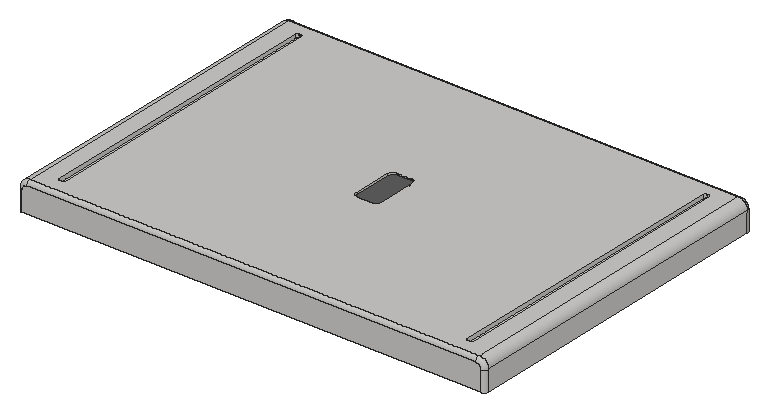
Revit family "PRD_FrankeWS_UtltSpplCntrlPnls_EXOSWCController_EXOS0027", category Electrical Fixtures, host Face, Revit 2018
Family settings
  Host = Face
  Maintain Annotation Orientation = No
  Round Connector Dimension = Use Diameter
  Part Type = Normal
  OmniClass Number = 23.45.05.14.99
  OmniClass Title = Other Sanitary Washing Plumbing Fixtures
  Cut with Voids When Loaded = No
  Shared = No
  Room Calculation Point = No
Parameters (values of type "EXOS0027")
  WarrantyStartDate [instance] = "1900-12-31T23:59:59"
  WarrantyGuarantorParts = "n/a"
  WarrantyGuarantorLabor = "n/a"
  WarrantyDurationUnit = "year"
  WarrantyDurationParts = "n/a"
  WarrantyDurationLabor = "n/a"
  WarrantyDescription = "n/a"
  Voltage = 0 V
  Version = "1"
  Uniclass2015Version = "Products v1.17"
  Uniclass2015Title = "Utility supply control panels"
  Uniclass2015Code = "Pr_75_50_18_93"
  URL = "www.kwc.com"
  TypeOfSensor = "Opto-electronic sensor"
  TypeOfOperation = "Sensor operation"
  TypeOfFlushingFitting = "For WC cistern"
  TagNumber [instance] = "n/a"
  SustainabilityPerformance = "n/a"
  SurfaceFinishCasing = "Brushed"
  Style = "n/a"
  Status = "New"
  Size = "n/a"
  Shape = "n/a"
  SerialNumber [instance] = "n/a"
  Revision = "n/a"
  ReplacementCost = "n/a"
  Reference = "n/a"
  ProtectiveSystemIP = "68"
  ProductInformation = "https://pim.kwc.com/product/2030036621/attachment/datasheet?locale=en"
  ProductCode = "209.0599.857"
  PowerSupplyConnection = "24 V DC"
  PowerFactor = 1
  PowerConsumption = "4"
  NominalWidth = 207.00 mm
  NominalHeight = 147.00 mm
  NominalDepth = 0.00 mm
  NetWeight = 1.20 kg
  Name = "EXOS WC controller for cistern EXOS0027"
  NBSTypeID = "n/a"
  NBSReference = "n/a"
  NBSOfficeMasterTag = "n/a"
  NBSNote = "n/a"
  NBSDescription = "n/a"
  NBSCertification = "n/a"
  ModelReference = "EXOS0027"
  ModelNumber = "2030036621"
  Model = ModelReference  # "EXOS0027"
  MaterialFitting = "Synthetic"
  MaterialCodeCasing = "1.4301 Chrome Nickel steel V2A"
  MaterialCasing = "Stainless steel"
  Material = "Stainless steel"
  ManufacturerURL = "www.kwc.com"
  ManufacturerName = "KWC Group AG"  # constant formula
  Manufacturer = ManufacturerName  # "KWC Group AG"
  MainColor = "stainless steel"
  IntegralAccessories = "n/a"
  InstallationDate [instance] = "1900-12-31T23:59:59"
  IfcExportType = "USERDEFINED"
  IfcExportAs = "IfcControllerType"
  GrossWeight = 1.25 kg
  Grade = "n/a"
  FunctionalPrinciple = "Electronic self-closing"
  Finish = "Brushed"
  Features = "mounting bracket and stainless steel cover plate with sensors and concealed screw fastening"
  ExpectedLife = "n/a"
  DurationUnit = "year"
  Description = "EXOS - A3000 open opto-electronic WC control for concealed toilet cistern. With option for external controlling options such as fittings settings and communication via ECC function controller or optional, bidirectional remote control. With waterproof electronic module with additional input for sensors to be provided by the client no more than 5 m away (e.g. support grips for disabled persons), low voltage motor, waterproof electric T-junction for connecting to system cable, mounting bracket and stainless steel cover plate with sensors and concealed screw fastening. Activated water hygiene flushing 24 hours after last activation and saving of statistical data. Separate power supply 24 V DC via AQUA 3000 open system accessories."
  DefaultAutomaticHygieneFlushing = "24h after the last activity"
  Default Elevation = 1000.00 mm
  CreatedOn = "07/2021"  # constant formula
  Constituents = "n/a"
  Color = "n/a"
  CodePerformance = "n/a"
  Category = "Pr_75_50_18_93, Utility supply control panels"
  CasingMaterial = PRD_AR_StainlessSteel_Brushed
  BarCode [instance] = "n/a"
  BIMObjectName = "PRD_AR_UtilitySupplyControlPanels_EXOSWCController_EXOS0027"
  Author = "Archispace"  # constant formula
  AssetType = "Fixed"
  AssetIdentifier [instance] = "n/a"
  ApparentLoad = 0 VA
  AccessibilityPerformance = "n/a"
Reference planes
  plane 1 "Center (Front/Back)": y = 0
  plane 2: z = 0
  plane 3 "Center (Left/Right)": x = 0
  plane 4: x = -103.5
  plane 5: x = 103.5
  plane 6: y = -73.5
  plane 7: y = 73.5
  plane 8: z = 13
  plane 9: x = -25
  plane 10: x = 25
  plane 11: y = -25
  plane 12: y = 25
Forms (mm)
  Extrusion 1, solid, material "PRD_AR_StainlessSteel_Brushed" <- "CasingMaterial", detail levels fine
    sketch origin (0, 0, 0) x (1, 0, 0) y (0, 1, 0)
      loop
        line (-103.5, 73.5) -> (-103.5, -73.5) -> (103.5, -73.5) -> (103.5, 73.5) -> (-103.5, 73.5)
    from 0 to 13
  Sweep 2, void
    path in 3D
      loop
        line (-103.5, 73.5, 13) -> (-103.5, -73.5, 13)
    profile origin (-103.5, 0, 13) x (1, 0, 0) y (0, 0, 1)
      loop
        line (0, 0) -> (0, -4)
        arc (0, -4) -> (1.172, -1.172) -> (4, 0) r 4
        line (4, 0) -> (0, 0)
  Sweep 3, void
    path in 3D
      loop
        line (103.5, -73.5, 13) -> (103.5, 73.5, 13)
    profile origin (103.5, 0, 13) x (-1, 0, 0) y (0, 0, 1)
      loop
        line (0, 0) -> (0, -4)
        arc (0, -4) -> (1.172, -1.172) -> (4, 0) r 4
        line (4, 0) -> (0, 0)
  Sweep 4, void
    path in 3D
      loop
        line (103.5, -73.5, 0) -> (103.5, -73.5, 9)
        arc (103.5, -73.5, 9) -> (102.328, -73.5, 11.828) -> (99.5, -73.5, 13) r 4
        line (99.5, -73.5, 13) -> (-99.5, -73.5, 13)
        arc (-99.5, -73.5, 13) -> (-102.328, -73.5, 11.828) -> (-103.5, -73.5, 9) r 4
        line (-103.5, -73.5, 9) -> (-103.5, -73.5, 0)
    profile origin (-103.5, -73.5, 4.5) x (-1, 0, 0) y (0, -1, 0)
      loop
        line (0, 0) -> (-1.8, 0)
        arc (-1.8, 0) -> (-0.527, -0.527) -> (0, -1.8) r 1.8
        line (0, -1.8) -> (0, 0)
  Sweep 5, void
    path in 3D
      loop
        line (103.5, 73.5, 0) -> (103.5, 73.5, 9)
        arc (103.5, 73.5, 9) -> (102.328, 73.5, 11.828) -> (99.5, 73.5, 13) r 4
        line (99.5, 73.5, 13) -> (-99.5, 73.5, 13)
        arc (-99.5, 73.5, 13) -> (-102.328, 73.5, 11.828) -> (-103.5, 73.5, 9) r 4
        line (-103.5, 73.5, 9) -> (-103.5, 73.5, 0)
    profile origin (-103.5, 73.5, 4.5) x (-1, 0, 0) y (0, -1, 0)
      loop
        line (0, 0) -> (0, 1.8)
        arc (0, 1.8) -> (-0.527, 0.527) -> (-1.8, 0) r 1.8
        line (-1.8, 0) -> (0, 0)
  Extrusion 6, void
    sketch origin (0, 0, 0) x (1, 0, 0) y (0, 1, 0)
      loop
        line (-91.922, 65.36) -> (-91.922, -65.36)
        arc (-91.922, -65.36) -> (-91.629, -66.067) -> (-90.922, -66.36) r 1
        line (-90.922, -66.36) -> (-90.078, -66.36)
        arc (-90.078, -66.36) -> (-89.371, -66.067) -> (-89.078, -65.36) r 1
        line (-89.078, -65.36) -> (-89.078, 65.36)
        arc (-89.078, 65.36) -> (-89.371, 66.067) -> (-90.078, 66.36) r 1
        line (-90.078, 66.36) -> (-90.922, 66.36)
        arc (-90.922, 66.36) -> (-91.629, 66.067) -> (-91.922, 65.36) r 1
      loop
        arc (91.922, 65.36) -> (91.629, 66.067) -> (90.922, 66.36) r 1
        line (90.922, 66.36) -> (90.078, 66.36)
        arc (90.078, 66.36) -> (89.371, 66.067) -> (89.078, 65.36) r 1
        line (89.078, 65.36) -> (89.078, -65.36)
        arc (89.078, -65.36) -> (89.371, -66.067) -> (90.078, -66.36) r 1
        line (90.078, -66.36) -> (90.922, -66.36)
        arc (90.922, -66.36) -> (91.629, -66.067) -> (91.922, -65.36) r 1
        line (91.922, -65.36) -> (91.922, 65.36)
    from 11 to 17.284
  Extrusion 7, void
    sketch origin (226.062, 278.637, 0) x (1, 0, 0) y (0, 1, 0)
      loop
        arc (-231.562, -287.137) -> (-230.83, -288.905) -> (-229.062, -289.637) r 2.5
        line (-229.062, -289.637) -> (-223.062, -289.637)
        arc (-223.062, -289.637) -> (-221.295, -288.905) -> (-220.562, -287.137) r 2.5
        line (-220.562, -287.137) -> (-220.562, -270.137)
        arc (-220.562, -270.137) -> (-221.295, -268.369) -> (-223.062, -267.637) r 2.5
        line (-223.062, -267.637) -> (-229.062, -267.637)
        arc (-229.062, -267.637) -> (-230.83, -268.369) -> (-231.562, -270.137) r 2.5
        line (-231.562, -270.137) -> (-231.562, -287.137)
    from 11.5 to 13
  Extrusion 8, solid, material "PRD_AR_Plastic_Black", detail levels fine
    sketch origin (226.062, 278.637, 0) x (1, 0, 0) y (0, 1, 0)
      loop
        arc (-231.562, -287.137) -> (-230.83, -288.905) -> (-229.062, -289.637) r 2.5
        line (-229.062, -289.637) -> (-223.062, -289.637)
        arc (-223.062, -289.637) -> (-221.295, -288.905) -> (-220.562, -287.137) r 2.5
        line (-220.562, -287.137) -> (-220.562, -270.137)
        arc (-220.562, -270.137) -> (-221.295, -268.369) -> (-223.062, -267.637) r 2.5
        line (-223.062, -267.637) -> (-229.062, -267.637)
        arc (-229.062, -267.637) -> (-230.83, -268.369) -> (-231.562, -270.137) r 2.5
        line (-231.562, -270.137) -> (-231.562, -287.137)
    from 11.5 to 12.5
  Extrusion 9, solid
    sketch origin (0, 0, 0) x (0, 1, 0) y (0, 0, 1)
      loop
        line (19, 0) -> (-19, 0) -> (-19, -8.5) -> (19, -8.5) -> (19, 0)
    from -12 to 12
  Sweep 10, solid, material "PRD_AR_StainlessSteel_Brushed" <- "CasingMaterial", detail levels fine
    path in 3D
      loop
        arc (-91.922, 65.36, 11) -> (-91.629, 66.067, 11) -> (-90.922, 66.36, 11) r 1
        line (-90.922, 66.36, 11) -> (-90.078, 66.36, 11)
        arc (-90.078, 66.36, 11) -> (-89.371, 66.067, 11) -> (-89.078, 65.36, 11) r 1
        line (-89.078, 65.36, 11) -> (-89.078, -65.36, 11)
        arc (-89.078, -65.36, 11) -> (-89.371, -66.067, 11) -> (-90.078, -66.36, 11) r 1
        line (-90.078, -66.36, 11) -> (-90.922, -66.36, 11)
        arc (-90.922, -66.36, 11) -> (-91.629, -66.067, 11) -> (-91.922, -65.36, 11) r 1
        line (-91.922, -65.36, 11) -> (-91.922, 65.36, 11)
    profile origin (-91.922, 0, 11) x (1, 0, 0) y (0, 0, -1)
      loop
        line (0, 0) -> (0, -0.8)
        arc (0, -0.8) -> (0.234, -0.234) -> (0.8, 0) r 0.8
        line (0.8, 0) -> (0, 0)
  Sweep 11, solid, material "PRD_AR_StainlessSteel_Brushed" <- "CasingMaterial", detail levels fine
    path in 3D
      loop
        arc (91.922, 65.36, 11) -> (91.629, 66.067, 11) -> (90.922, 66.36, 11) r 1
        line (90.922, 66.36, 11) -> (90.078, 66.36, 11)
        arc (90.078, 66.36, 11) -> (89.371, 66.067, 11) -> (89.078, 65.36, 11) r 1
        line (89.078, 65.36, 11) -> (89.078, -65.36, 11)
        arc (89.078, -65.36, 11) -> (89.371, -66.067, 11) -> (90.078, -66.36, 11) r 1
        line (90.078, -66.36, 11) -> (90.922, -66.36, 11)
        arc (90.922, -66.36, 11) -> (91.629, -66.067, 11) -> (91.922, -65.36, 11) r 1
        line (91.922, -65.36, 11) -> (91.922, 65.36, 11)
    profile origin (91.922, 0, 11) x (1, 0, 0) y (0, 0, -1)
      loop
        line (0, 0) -> (-0.8, 0)
        arc (-0.8, 0) -> (-0.234, -0.234) -> (0, -0.8) r 0.8
        line (0, -0.8) -> (0, 0)
  Extrusion 12, solid, material "PRD_AR_StainlessSteel_Brushed" <- "CasingMaterial", detail levels coarse+medium
    sketch origin (0, 0, 0) x (1, 0, 0) y (0, 1, 0)
      loop
        line (-103.5, 73.5) -> (-103.5, -73.5) -> (103.5, -73.5) -> (103.5, 73.5) -> (-103.5, 73.5)
    from 0 to 13
  Extrusion 13, void
    sketch origin (0, 0, 0) x (0, 1, 0) y (0, 0, 1)
      loop
        line (19, 0) -> (-19, 0) -> (-19, -8.5) -> (19, -8.5) -> (19, 0)
    from -12 to 12
Cuts and joins
  Sweep 2, Sweep 3, Sweep 4, Sweep 5, Extrusion 6, Extrusion 7 cuts Extrusion 1
Lines and regions (mm)
  sketch lines
    curve 1: line (-103.5, 73.5, 13) -> (-103.5, -73.5, 13)
    curve 2: line (103.5, -73.5, 13) -> (103.5, 73.5, 13)
    curve 3: line (-103.5, -73.5, 9) -> (-103.5, -73.5, 0)
    curve 4: arc (-103.5, -73.5, 9) -> (-102.328, -73.5, 11.828) -> (-99.5, -73.5, 13) r 4
    curve 5: line (-99.5, -73.5, 13) -> (99.5, -73.5, 13)
    curve 6: arc (99.5, -73.5, 13) -> (102.328, -73.5, 11.828) -> (103.5, -73.5, 9) r 4
    curve 7: line (103.5, -73.5, 9) -> (103.5, -73.5, 0)
    curve 8: line (-103.5, 73.5, 9) -> (-103.5, 73.5, 0)
    curve 9: arc (-99.5, 73.5, 13) -> (-102.328, 73.5, 11.828) -> (-103.5, 73.5, 9) r 4
    curve 10: line (99.5, 73.5, 13) -> (-99.5, 73.5, 13)
    curve 11: arc (103.5, 73.5, 9) -> (102.328, 73.5, 11.828) -> (99.5, 73.5, 13) r 4
    curve 12: line (103.5, 73.5, 9) -> (103.5, 73.5, 0)
    curve 13: line (-91.922, -65.36, 11) -> (-91.922, 65.36, 11)
    curve 14: arc (-91.922, -65.36, 11) -> (-91.629, -66.067, 11) -> (-90.922, -66.36, 11) r 1
    curve 15: line (-90.078, -66.36, 11) -> (-90.922, -66.36, 11)
    curve 16: arc (-90.078, -66.36, 11) -> (-89.371, -66.067, 11) -> (-89.078, -65.36, 11) r 1
    curve 17: line (-89.078, 65.36, 11) -> (-89.078, -65.36, 11)
    curve 18: arc (-89.078, 65.36, 11) -> (-89.371, 66.067, 11) -> (-90.078, 66.36, 11) r 1
    curve 19: line (-90.922, 66.36, 11) -> (-90.078, 66.36, 11)
    curve 20: arc (-90.922, 66.36, 11) -> (-91.629, 66.067, 11) -> (-91.922, 65.36, 11) r 1
    curve 21: line (91.922, -65.36, 11) -> (91.922, 65.36, 11)
    curve 22: arc (91.922, -65.36, 11) -> (91.629, -66.067, 11) -> (90.922, -66.36, 11) r 1
    curve 23: line (90.078, -66.36, 11) -> (90.922, -66.36, 11)
    curve 24: arc (90.078, -66.36, 11) -> (89.371, -66.067, 11) -> (89.078, -65.36, 11) r 1
    curve 25: line (89.078, 65.36, 11) -> (89.078, -65.36, 11)
    curve 26: arc (89.078, 65.36, 11) -> (89.371, 66.067, 11) -> (90.078, 66.36, 11) r 1
    curve 27: line (90.922, 66.36, 11) -> (90.078, 66.36, 11)
    curve 28: arc (90.922, 66.36, 11) -> (91.629, 66.067, 11) -> (91.922, 65.36, 11) r 1
Dimensions and locks
  plane 12 to plane 11 = 50.00 mm
  plane 9 to plane 10 = 50.00 mm
  aligned and locked: plane 2 to host face
  aligned and locked: level to host face
  aligned and locked: plane 8 to Extrusion 1
Connectors
  electrical at (0, 0, -8.5), driven by "PowerFactor", driven by "Voltage", driven by "ApparentLoad"
    settings: on Extrusion 9, index 1, voltage 0 V, apparent load 0 VA, apparent load phase1 0 VA, apparent load phase2 0 VA, apparent load phase3 0 VA, power factor 1, load classification "Other", number of poles 1, system type 30, power factor state 1, is connector primary yes, connector utility no, sub classification motor no, connector description ""
